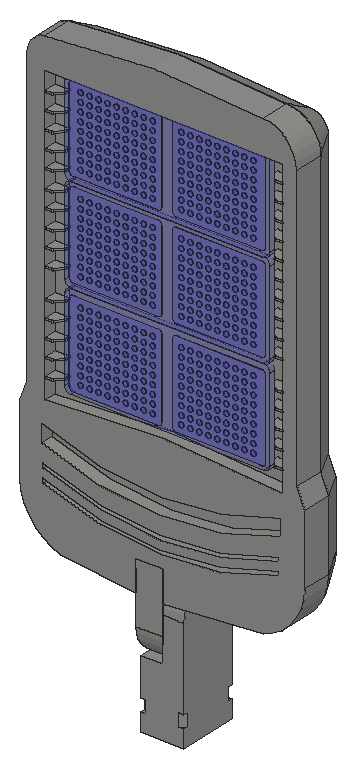
Revit family "VP-3-K", category Lighting Fixtures, host Face, Revit 2019
Family settings
  Host = Face
  Round Connector Dimension = Use Diameter
  Part Type = Normal
  OmniClass Number = 23.80.70.11.14.17
  OmniClass Title = Direct/Indirect
  Cut with Voids When Loaded = No
  Light Source = No
  Shared = Yes
  Room Calculation Point = No
Parameters (values of type "VP-3-K")
  Wattage Comments = "423W"
  Warranty = "Five year warranty"  # constant formula
  Voltage = 120 V
  URL = "https://www.currentlighting.com/beacon"
  Type Comments = "Lighting Fixture"  # constant formula
  Product Page URL = "https://www.currentlighting.com/outdoor-lighting/viper-area-size-3/9606405"
  Product Documentation Link = "https://cdn.currentlighting.com/site/specsheet/BEA_VIPERSPEC.pdf"
  Power Factor = 0.9
  Name = "Viper Area Size 3"  # constant formula
  Model = "VP-3-K"
  Matt Grey = MATT GREY
  Matt Black = Matt Black
  Manufacturer = "Current Lighting"  # constant formula
  Load Classification = Lighting
  Light Output = 30846.00 cd/m²
  Lamp = "LED"  # constant formula
  Grey = Grey
  Glass = Glass
  Features = "Featuring two different optical technologies, Micro Strike and Strike Optics, which provide the best distribution patterns for retrofit or new construction\r\nVibration rated for high vibration applications including bridges and overpasses\r\nControl options including photo control, occupancy sensing, NX Lighting Controls, wiSCAPE and 7-Pin with networked controls\r\nMounting options include: Arm, Universal Arm, Adjustable Arm, Mast Arm, Decorative Arm, Knuckle, Trunnion, Wall\r\nDistribution options include: Auto Front Row, Type 2, Type 3, Type 4 Forward, Type 4 Wide, Type 5 Narrow, Type 5 Medium, Type 5 Wide, Type 5 Rectangular, Corner Optic, and Tennis Court\r\n\r\n"  # constant formula
  Copyright = "© 2022 Current Lighting"  # constant formula
  Cool Grey = Cool Grey
  Contact Us = "https://www.currentlighting.com/contact-us"
  Certification = "UL"  # constant formula
  Description = "The Viper is an extremely versatile area/site luminaire which blends design, performance, and technology for a variety of applications."  # constant formula
  Default Elevation = 48.00"
  Finish = Arctic White
  Matt White = Matt White
  CRI = "70"  # constant formula
  Brand = "Beacon"  # constant formula
  Assembly Code = "D5020200"
  Apparent Load = 423 VA
Reference planes (in)
  plane 1 "Center (Front/Back)": y = 6.16697
  plane 2: z = 0
  plane 3 "Center (Left/Right)": x = 0
  plane 4: z = 3.75
  plane 5: z = -4.44
  plane 6: x = -1.75
  plane 7: x = 1.75
  plane 8: y = 4.41697
  plane 9: y = 7.91697
Lines and regions (in)
  reference lines
    curve 1: line (0, 14.42606, -3.25) -> (0, 17.42606, -0.25)
    curve 2: line (0, -2.09213, -3.25) -> (0, 14.42606, -3.25)
    curve 3: line (0, -5.09213, -0.25) -> (0, -2.09213, -3.25)
    curve 4: line (0, 14.42606, -3.25) -> (0, 17.42606, -0.25)
    curve 5: line (0, -5.09213, -0.25) -> (0, 17.42606, -0.25)
    curve 6: line (0, 17.17606, -0.77432) -> (0, 17.92606, -0.77432)
    curve 7: line (0, 17.17606, -1.52432) -> (0, 17.17606, -0.77432)
    curve 8: line (0, 16.69614, -1.52432) -> (0, 17.17606, -1.52432)
    curve 9: line (0, 14.92606, -4.25) -> (0, 16.69614, -1.52432)
    curve 10: line (0, -4.3622, -1.52432) -> (0, -2.59213, -4.25)
    curve 11: line (0, -4.84213, -1.52432) -> (0, -4.3622, -1.52432)
    curve 12: line (0, -4.84213, -0.77432) -> (0, -4.84213, -1.52432)
    curve 13: line (0, -5.59213, -0.77432) -> (0, -4.84213, -0.77432)
Dimensions and locks (in)
  plane 4 to plane 2 = 3.75"
  plane 8 to plane 9 = 3.50"
  equal spacing: plane 8, plane 1 "Center (Front/Back)", plane 9
  equal spacing: plane 6, plane 3 "Center (Left/Right)", plane 7
  plane 6 to plane 7 = 3.50"
  aligned and locked: plane 2 to host face
  aligned and locked: level to host face
  aligned and locked: plane 3 "Center (Left/Right)" to nested 1
  aligned and locked: plane 1 "Center (Front/Back)" to nested 1
Automatic sketch dimensions
  host sketch curve to host sketch curve = 96.00"
  host sketch curve to host sketch curve = 85.00"
  curve 3 to level = 0.25"
  plane 8 to curve 3 = 9.50909"
  curve 3 to curve 12 = 0.25"
  curve 11 to curve 11 = 0.47992"
  curve 2 to plane 5 = 1.19"
  curve 10 to curve 2 = 2.27008"
  curve 1 to plane 9 = 6.50909"
  curve 9 to level = 1.52432"
  curve 1 to curve 9 = 2.27008"
  curve 8 to curve 8 = 0.47992"
  curve 6 to curve 4 = 0.25"
  curve 10 to curve 3 = 1.27432"
  curve 7 to curve 1 = 0.52432"
  curve 12 to curve 3 = 0.52432"
  curve 13 to curve 3 = 0.50"
  curve 10 to plane 5 = 0.19"
  curve 10 to curve 2 = 0.50"
  curve 9 to plane 5 = 0.19"
  curve 1 to curve 9 = 0.50"
  curve 1 to curve 6 = 0.50"
Nested families (in)
  nested 1: "SIZE3-K" at (0, 6.16697, 0), type "SIZE3-K"
Connectors (in)
  electrical at (0, 6.16697, 0)
    settings: on nested 1, index 1, voltage 0 V, apparent load 0 VA, apparent load phase1 0 VA, apparent load phase2 0 VA, apparent load phase3 0 VA, power factor 1, load classification "Other", number of poles 1, system type 30, power factor state 1, is connector primary yes, connector utility no, sub classification motor no, connector description ""
Definition of nested family "SIZE3-K"
  Parameters (values of type "SIZE3-K")
    Width = 16.11"
    Wattage = 423.2 W
    built-in parameter 1150110 = 1 (stored number, unit not read)
    built-in parameter 1114217 = 1 (stored number, unit not read)
    Tilt Angle = 160.00°
    built-in parameter 1150109 = 1 (stored number, unit not read)
    built-in parameter 1150134 = 3
    built-in parameter 1150113 = 1 (stored number, unit not read)
    Photometric Web File = "VP-3-480L-425-3K7-4W-BC.ies"
    Mount Length = 7.50"
    built-in parameter 1150105 = 2458.4 (stored number, unit not read)
    Lumens = 30893.6 lm
    built-in parameter 1150115 = 1 (stored number, unit not read)
    built-in parameter 1150137 = (empty or 0)
    built-in parameter 1150139 = (empty or 0)
    Length = 26.97"
    built-in parameter 1150112 = 1 (stored number, unit not read)
    built-in parameter 1150114 = 1 (stored number, unit not read)
    built-in parameter 1150132 = (empty or 0)
    built-in parameter 1150102 = (empty or 0)
    built-in parameter 1150107 = 3200 (stored number, unit not read)
    built-in parameter 1150138 = (empty or 0)
    built-in parameter 1150106 = 24.584 (stored number, unit not read)
    Glass = none
    Fixture = none
    built-in parameter 1150104 = 6.7819 (stored number, unit not read)
    Dimming Lamp Color Temperature Shift = (empty or 0)
    Default Elevation = 48.00"
    Color Filter = 16777215
    built-in parameter 1114218 = 1 (stored number, unit not read)
    built-in parameter 1150133 = 10 (stored number, unit not read)
  Reference planes (in)
    plane 1 "Center (Front/Back)": y = 0
    plane 2: z = 0
    plane 3 "Center (Left/Right)": x = 0
    plane 4: x = 8.055
    plane 5: x = -8.055
    plane 6: z = 7.5
    plane 7: z = 34.47
    plane 8: y = -1.74
    plane 9: y = 1.74
  Forms (in)
    Extrusion 1, solid
      sketch origin (0, 0, 0) x (1, 0, 0) y (0, 1, 0)
        loop
          line (-48, 48) -> (-48, -48) -> (48, -48) -> (48, 48) -> (-48, 48)
      from 0 to -12
    Extrusion 2, solid, material <- "Fixture"
      sketch origin (0, 0, 0) x (1, 0, 0) y (0, 0, 1)
        loop
          line (-7.77472, 15.72202) -> (-8.18, 14.67799) -> (-8.18, 10.64521)
          arc (-8.18, 10.64521) -> (-7.52407, 8.68733) -> (-5.82104, 7.51974) r 3.25
          arc (-5.82104, 7.51974) -> (0, 7.02866) -> (5.82104, 7.51974) r 34.74571
          arc (5.82104, 7.51974) -> (7.52407, 8.68733) -> (8.18, 10.64521) r 3.25
          line (8.18, 10.64521) -> (8.18, 14.67799) -> (7.7425, 15.80502) -> (7.7425, 32.05879)
          arc (7.7425, 32.05879) -> (7.16964, 33.45997) -> (5.77922, 34.05846) r 2
          arc (5.77922, 34.05846) -> (-0.48981, 34.44343) -> (-6.75192, 33.95884) r 45.36519
          arc (-6.75192, 33.95884) -> (-7.48558, 33.52919) -> (-7.77472, 32.72966) r 1.25
          line (-7.77472, 32.72966) -> (-7.77472, 15.72202)
      from 0 to 1.74
    Extrusion 3, void
      sketch origin (0, 0, 0) x (1, 0, 0) y (0, 0, 1)
        loop
          arc (-6.77608, 15.13973) -> (0.07705, 15.56709) -> (6.93, 15.13674) r 54.96889
          line (6.93, 15.13674) -> (6.93, 32.15182) -> (-6.77608, 32.15182) -> (-6.77608, 15.13973)
      from 1 to 1.75
    Extrusion 4, solid, material <- "Glass"
      sketch origin (0, 0, 0) x (1, 0, 0) y (0, 0, 1)
        loop
          arc (-5.55487, 32.15182) -> (-5.80236, 32.04931) -> (-5.90487, 31.80182) r 0.35
          line (-5.90487, 31.80182) -> (-5.90487, 27.00182)
          arc (-5.90487, 27.00182) -> (-5.80236, 26.75434) -> (-5.55487, 26.65182) r 0.35
          line (-5.55487, 26.65182) -> (5.55487, 26.65182)
          arc (5.55487, 26.65182) -> (5.80236, 26.75434) -> (5.90487, 27.00182) r 0.35
          line (5.90487, 27.00182) -> (5.90487, 31.80182)
          arc (5.90487, 31.80182) -> (5.80236, 32.04931) -> (5.55487, 32.15182) r 0.35
          line (5.55487, 32.15182) -> (-5.55487, 32.15182)
      from 1 to 1.35
    Extrusion 5, solid, material <- "Glass"
      sketch origin (0.75, 0, 0.125) x (1, 0, 0) y (0, 0, 1)
        loop
          circle (-5.72329, 31.32694) r 0.15
        loop
          circle (-5.20455, 31.32694) r 0.15
        loop
          circle (-4.6858, 31.32694) r 0.15
        loop
          circle (-4.16705, 31.32694) r 0.15
        loop
          circle (-3.6483, 31.32694) r 0.15
        loop
          circle (-3.12955, 31.32694) r 0.15
        loop
          circle (-2.6108, 31.32694) r 0.15
        loop
          circle (-2.09205, 31.32694) r 0.15
        loop
          circle (-1.57331, 31.32694) r 0.15
        loop
          circle (-5.72329, 30.82694) r 0.15
        loop
          circle (-5.20455, 30.82694) r 0.15
        loop
          circle (-4.6858, 30.82694) r 0.15
        loop
          circle (-4.16705, 30.82694) r 0.15
        loop
          circle (-3.6483, 30.82694) r 0.15
        loop
          circle (-3.12955, 30.82694) r 0.15
        loop
          circle (-2.6108, 30.82694) r 0.15
        loop
          circle (-2.09205, 30.82694) r 0.15
        loop
          circle (-1.57331, 30.82694) r 0.15
        loop
          circle (-5.72329, 30.32694) r 0.15
        loop
          circle (-5.20455, 30.32694) r 0.15
        loop
          circle (-4.6858, 30.32694) r 0.15
        loop
          circle (-4.16705, 30.32694) r 0.15
        loop
          circle (-3.6483, 30.32694) r 0.15
        loop
          circle (-3.12955, 30.32694) r 0.15
        loop
          circle (-2.6108, 30.32694) r 0.15
        loop
          circle (-2.09205, 30.32694) r 0.15
        loop
          circle (-1.57331, 30.32694) r 0.15
        loop
          circle (-5.72329, 29.82694) r 0.15
        loop
          circle (-5.20455, 29.82694) r 0.15
        loop
          circle (-4.6858, 29.82694) r 0.15
        loop
          circle (-4.16705, 29.82694) r 0.15
        loop
          circle (-3.6483, 29.82694) r 0.15
        loop
          circle (-3.12955, 29.82694) r 0.15
        loop
          circle (-2.6108, 29.82694) r 0.15
        loop
          circle (-2.09205, 29.82694) r 0.15
        loop
          circle (-1.57331, 29.82694) r 0.15
        loop
          circle (-5.72329, 29.32694) r 0.15
        loop
          circle (-5.20455, 29.32694) r 0.15
        loop
          circle (-4.6858, 29.32694) r 0.15
        loop
          circle (-4.16705, 29.32694) r 0.15
        loop
          circle (-3.6483, 29.32694) r 0.15
        loop
          circle (-3.12955, 29.32694) r 0.15
        loop
          circle (-2.6108, 29.32694) r 0.15
        loop
          circle (-2.09205, 29.32694) r 0.15
        loop
          circle (-1.57331, 29.32694) r 0.15
        loop
          circle (-5.72329, 28.82694) r 0.15
        loop
          circle (-5.20455, 28.82694) r 0.15
        loop
          circle (-4.6858, 28.82694) r 0.15
        loop
          circle (-4.16705, 28.82694) r 0.15
        loop
          circle (-3.6483, 28.82694) r 0.15
        loop
          circle (-3.12955, 28.82694) r 0.15
        loop
          circle (-2.6108, 28.82694) r 0.15
        loop
          circle (-2.09205, 28.82694) r 0.15
        loop
          circle (-1.57331, 28.82694) r 0.15
        loop
          circle (-5.72329, 28.32694) r 0.15
        loop
          circle (-5.20455, 28.32694) r 0.15
        loop
          circle (-4.6858, 28.32694) r 0.15
        loop
          circle (-4.16705, 28.32694) r 0.15
        loop
          circle (-3.6483, 28.32694) r 0.15
        loop
          circle (-3.12955, 28.32694) r 0.15
        loop
          circle (-2.6108, 28.32694) r 0.15
        loop
          circle (-2.09205, 28.32694) r 0.15
        loop
          circle (-1.57331, 28.32694) r 0.15
        loop
          circle (-5.72329, 27.82694) r 0.15
        loop
          circle (-5.20455, 27.82694) r 0.15
        loop
          circle (-4.6858, 27.82694) r 0.15
        loop
          circle (-4.16705, 27.82694) r 0.15
        loop
          circle (-3.6483, 27.82694) r 0.15
        loop
          circle (-3.12955, 27.82694) r 0.15
        loop
          circle (-2.6108, 27.82694) r 0.15
        loop
          circle (-2.09205, 27.82694) r 0.15
        loop
          circle (-1.57331, 27.82694) r 0.15
        loop
          circle (-5.72329, 27.32694) r 0.15
        loop
          circle (-5.20455, 27.32694) r 0.15
        loop
          circle (-4.6858, 27.32694) r 0.15
        loop
          circle (-4.16705, 27.32694) r 0.15
        loop
          circle (-3.6483, 27.32694) r 0.15
        loop
          circle (-3.12955, 27.32694) r 0.15
        loop
          circle (-2.6108, 27.32694) r 0.15
        loop
          circle (-2.09205, 27.32694) r 0.15
        loop
          circle (-1.57331, 27.32694) r 0.15
      from 1.35 to 1.4
    Extrusion 6, solid, material <- "Glass"
      sketch origin (0, 0, 0.125) x (1, 0, 0) y (0, 0, 1)
        loop
          arc (-5.41155, 31.8309) -> (-5.58833, 31.75768) -> (-5.66155, 31.5809) r 0.25
          line (-5.66155, 31.5809) -> (-5.66155, 27.0809)
          arc (-5.66155, 27.0809) -> (-5.58833, 26.90412) -> (-5.41155, 26.8309) r 0.25
          line (-5.41155, 26.8309) -> (-0.54655, 26.8309)
          arc (-0.54655, 26.8309) -> (-0.36977, 26.90412) -> (-0.29655, 27.0809) r 0.25
          line (-0.29655, 27.0809) -> (-0.29655, 31.5809)
          arc (-0.29655, 31.5809) -> (-0.36977, 31.75768) -> (-0.54655, 31.8309) r 0.25
          line (-0.54655, 31.8309) -> (-5.41155, 31.8309)
      from 1.35 to 1.37213
    Extrusion 7, solid, material <- "Fixture"
      sketch origin (0.125, 0, 12.5) x (1, 0, 0) y (0, 1, 0)
        loop
          line (5.93193, -1) -> (5.93193, -1.20146)
          arc (5.93193, -1.20146) -> (5.93867, -1.23973) -> (5.95811, -1.27339) r 0.1119
          line (5.95811, -1.27339) -> (6.31867, -1.70309)
          arc (6.31867, -1.70309) -> (6.34664, -1.72455) -> (6.38107, -1.73219) r 0.08147
          line (6.38107, -1.73219) -> (6.805, -1.73219) -> (6.805, -1) -> (5.93193, -1)
      from 18.55 to 18.65
    Extrusion 8, solid, material <- "Glass"
      sketch origin (-0.75, 0, 0.125) x (-1, 0, 0) y (0, 0, -1)
        loop
          circle (-5.72329, -31.32694) r 0.15
        loop
          circle (-5.20455, -31.32694) r 0.15
        loop
          circle (-4.6858, -31.32694) r 0.15
        loop
          circle (-4.16705, -31.32694) r 0.15
        loop
          circle (-3.6483, -31.32694) r 0.15
        loop
          circle (-3.12955, -31.32694) r 0.15
        loop
          circle (-2.6108, -31.32694) r 0.15
        loop
          circle (-2.09205, -31.32694) r 0.15
        loop
          circle (-1.57331, -31.32694) r 0.15
        loop
          circle (-5.72329, -30.82694) r 0.15
        loop
          circle (-5.20455, -30.82694) r 0.15
        loop
          circle (-4.6858, -30.82694) r 0.15
        loop
          circle (-4.16705, -30.82694) r 0.15
        loop
          circle (-3.6483, -30.82694) r 0.15
        loop
          circle (-3.12955, -30.82694) r 0.15
        loop
          circle (-2.6108, -30.82694) r 0.15
        loop
          circle (-2.09205, -30.82694) r 0.15
        loop
          circle (-1.57331, -30.82694) r 0.15
        loop
          circle (-5.72329, -30.32694) r 0.15
        loop
          circle (-5.20455, -30.32694) r 0.15
        loop
          circle (-4.6858, -30.32694) r 0.15
        loop
          circle (-4.16705, -30.32694) r 0.15
        loop
          circle (-3.6483, -30.32694) r 0.15
        loop
          circle (-3.12955, -30.32694) r 0.15
        loop
          circle (-2.6108, -30.32694) r 0.15
        loop
          circle (-2.09205, -30.32694) r 0.15
        loop
          circle (-1.57331, -30.32694) r 0.15
        loop
          circle (-5.72329, -29.82694) r 0.15
        loop
          circle (-5.20455, -29.82694) r 0.15
        loop
          circle (-4.6858, -29.82694) r 0.15
        loop
          circle (-4.16705, -29.82694) r 0.15
        loop
          circle (-3.6483, -29.82694) r 0.15
        loop
          circle (-3.12955, -29.82694) r 0.15
        loop
          circle (-2.6108, -29.82694) r 0.15
        loop
          circle (-2.09205, -29.82694) r 0.15
        loop
          circle (-1.57331, -29.82694) r 0.15
        loop
          circle (-5.72329, -29.32694) r 0.15
        loop
          circle (-5.20455, -29.32694) r 0.15
        loop
          circle (-4.6858, -29.32694) r 0.15
        loop
          circle (-4.16705, -29.32694) r 0.15
        loop
          circle (-3.6483, -29.32694) r 0.15
        loop
          circle (-3.12955, -29.32694) r 0.15
        loop
          circle (-2.6108, -29.32694) r 0.15
        loop
          circle (-2.09205, -29.32694) r 0.15
        loop
          circle (-1.57331, -29.32694) r 0.15
        loop
          circle (-5.72329, -28.82694) r 0.15
        loop
          circle (-5.20455, -28.82694) r 0.15
        loop
          circle (-4.6858, -28.82694) r 0.15
        loop
          circle (-4.16705, -28.82694) r 0.15
        loop
          circle (-3.6483, -28.82694) r 0.15
        loop
          circle (-3.12955, -28.82694) r 0.15
        loop
          circle (-2.6108, -28.82694) r 0.15
        loop
          circle (-2.09205, -28.82694) r 0.15
        loop
          circle (-1.57331, -28.82694) r 0.15
        loop
          circle (-5.72329, -28.32694) r 0.15
        loop
          circle (-5.20455, -28.32694) r 0.15
        loop
          circle (-4.6858, -28.32694) r 0.15
        loop
          circle (-4.16705, -28.32694) r 0.15
        loop
          circle (-3.6483, -28.32694) r 0.15
        loop
          circle (-3.12955, -28.32694) r 0.15
        loop
          circle (-2.6108, -28.32694) r 0.15
        loop
          circle (-2.09205, -28.32694) r 0.15
        loop
          circle (-1.57331, -28.32694) r 0.15
        loop
          circle (-5.72329, -27.82694) r 0.15
        loop
          circle (-5.20455, -27.82694) r 0.15
        loop
          circle (-4.6858, -27.82694) r 0.15
        loop
          circle (-4.16705, -27.82694) r 0.15
        loop
          circle (-3.6483, -27.82694) r 0.15
        loop
          circle (-3.12955, -27.82694) r 0.15
        loop
          circle (-2.6108, -27.82694) r 0.15
        loop
          circle (-2.09205, -27.82694) r 0.15
        loop
          circle (-1.57331, -27.82694) r 0.15
        loop
          circle (-5.72329, -27.32694) r 0.15
        loop
          circle (-5.20455, -27.32694) r 0.15
        loop
          circle (-4.6858, -27.32694) r 0.15
        loop
          circle (-4.16705, -27.32694) r 0.15
        loop
          circle (-3.6483, -27.32694) r 0.15
        loop
          circle (-3.12955, -27.32694) r 0.15
        loop
          circle (-2.6108, -27.32694) r 0.15
        loop
          circle (-2.09205, -27.32694) r 0.15
        loop
          circle (-1.57331, -27.32694) r 0.15
      from 1.35 to 1.4
    Extrusion 9, solid, material <- "Glass"
      sketch origin (0, 0, 0.125) x (-1, 0, 0) y (0, 0, -1)
        loop
          line (-5.41155, -31.8309) -> (-0.54655, -31.8309)
          arc (-0.54655, -31.8309) -> (-0.36977, -31.75768) -> (-0.29655, -31.5809) r 0.25
          line (-0.29655, -31.5809) -> (-0.29655, -27.0809)
          arc (-0.29655, -27.0809) -> (-0.36977, -26.90412) -> (-0.54655, -26.8309) r 0.25
          line (-0.54655, -26.8309) -> (-5.41155, -26.8309)
          arc (-5.41155, -26.8309) -> (-5.58833, -26.90412) -> (-5.66155, -27.0809) r 0.25
          line (-5.66155, -27.0809) -> (-5.66155, -31.5809)
          arc (-5.66155, -31.5809) -> (-5.58833, -31.75768) -> (-5.41155, -31.8309) r 0.25
      from 1.35 to 1.37213
    Extrusion 10, solid, material <- "Glass"
      sketch origin (0, 0, -5.25) x (1, 0, 0) y (0, 0, 1)
        loop
          arc (-5.55487, 31.90182) -> (-5.80236, 31.79931) -> (-5.90487, 31.55182) r 0.35
          line (-5.90487, 31.55182) -> (-5.90487, 26.75182)
          arc (-5.90487, 26.75182) -> (-5.80236, 26.50434) -> (-5.55487, 26.40182) r 0.35
          line (-5.55487, 26.40182) -> (5.55487, 26.40182)
          arc (5.55487, 26.40182) -> (5.80236, 26.50434) -> (5.90487, 26.75182) r 0.35
          line (5.90487, 26.75182) -> (5.90487, 31.55182)
          arc (5.90487, 31.55182) -> (5.80236, 31.79931) -> (5.55487, 31.90182) r 0.35
          line (5.55487, 31.90182) -> (-5.55487, 31.90182)
      from 1 to 1.35
    Extrusion 11, solid, material <- "Glass"
      sketch origin (0.75, 0, -5.375) x (1, 0, 0) y (0, 0, 1)
        loop
          circle (-5.72329, 31.32694) r 0.15
        loop
          circle (-5.20455, 31.32694) r 0.15
        loop
          circle (-4.6858, 31.32694) r 0.15
        loop
          circle (-4.16705, 31.32694) r 0.15
        loop
          circle (-3.6483, 31.32694) r 0.15
        loop
          circle (-3.12955, 31.32694) r 0.15
        loop
          circle (-2.6108, 31.32694) r 0.15
        loop
          circle (-2.09205, 31.32694) r 0.15
        loop
          circle (-1.57331, 31.32694) r 0.15
        loop
          circle (-5.72329, 30.82694) r 0.15
        loop
          circle (-5.20455, 30.82694) r 0.15
        loop
          circle (-4.6858, 30.82694) r 0.15
        loop
          circle (-4.16705, 30.82694) r 0.15
        loop
          circle (-3.6483, 30.82694) r 0.15
        loop
          circle (-3.12955, 30.82694) r 0.15
        loop
          circle (-2.6108, 30.82694) r 0.15
        loop
          circle (-2.09205, 30.82694) r 0.15
        loop
          circle (-1.57331, 30.82694) r 0.15
        loop
          circle (-5.72329, 30.32694) r 0.15
        loop
          circle (-5.20455, 30.32694) r 0.15
        loop
          circle (-4.6858, 30.32694) r 0.15
        loop
          circle (-4.16705, 30.32694) r 0.15
        loop
          circle (-3.6483, 30.32694) r 0.15
        loop
          circle (-3.12955, 30.32694) r 0.15
        loop
          circle (-2.6108, 30.32694) r 0.15
        loop
          circle (-2.09205, 30.32694) r 0.15
        loop
          circle (-1.57331, 30.32694) r 0.15
        loop
          circle (-5.72329, 29.82694) r 0.15
        loop
          circle (-5.20455, 29.82694) r 0.15
        loop
          circle (-4.6858, 29.82694) r 0.15
        loop
          circle (-4.16705, 29.82694) r 0.15
        loop
          circle (-3.6483, 29.82694) r 0.15
        loop
          circle (-3.12955, 29.82694) r 0.15
        loop
          circle (-2.6108, 29.82694) r 0.15
        loop
          circle (-2.09205, 29.82694) r 0.15
        loop
          circle (-1.57331, 29.82694) r 0.15
        loop
          circle (-5.72329, 29.32694) r 0.15
        loop
          circle (-5.20455, 29.32694) r 0.15
        loop
          circle (-4.6858, 29.32694) r 0.15
        loop
          circle (-4.16705, 29.32694) r 0.15
        loop
          circle (-3.6483, 29.32694) r 0.15
        loop
          circle (-3.12955, 29.32694) r 0.15
        loop
          circle (-2.6108, 29.32694) r 0.15
        loop
          circle (-2.09205, 29.32694) r 0.15
        loop
          circle (-1.57331, 29.32694) r 0.15
        loop
          circle (-5.72329, 28.82694) r 0.15
        loop
          circle (-5.20455, 28.82694) r 0.15
        loop
          circle (-4.6858, 28.82694) r 0.15
        loop
          circle (-4.16705, 28.82694) r 0.15
        loop
          circle (-3.6483, 28.82694) r 0.15
        loop
          circle (-3.12955, 28.82694) r 0.15
        loop
          circle (-2.6108, 28.82694) r 0.15
        loop
          circle (-2.09205, 28.82694) r 0.15
        loop
          circle (-1.57331, 28.82694) r 0.15
        loop
          circle (-5.72329, 28.32694) r 0.15
        loop
          circle (-5.20455, 28.32694) r 0.15
        loop
          circle (-4.6858, 28.32694) r 0.15
        loop
          circle (-4.16705, 28.32694) r 0.15
        loop
          circle (-3.6483, 28.32694) r 0.15
        loop
          circle (-3.12955, 28.32694) r 0.15
        loop
          circle (-2.6108, 28.32694) r 0.15
        loop
          circle (-2.09205, 28.32694) r 0.15
        loop
          circle (-1.57331, 28.32694) r 0.15
        loop
          circle (-5.72329, 27.82694) r 0.15
        loop
          circle (-5.20455, 27.82694) r 0.15
        loop
          circle (-4.6858, 27.82694) r 0.15
        loop
          circle (-4.16705, 27.82694) r 0.15
        loop
          circle (-3.6483, 27.82694) r 0.15
        loop
          circle (-3.12955, 27.82694) r 0.15
        loop
          circle (-2.6108, 27.82694) r 0.15
        loop
          circle (-2.09205, 27.82694) r 0.15
        loop
          circle (-1.57331, 27.82694) r 0.15
        loop
          circle (-5.72329, 27.32694) r 0.15
        loop
          circle (-5.20455, 27.32694) r 0.15
        loop
          circle (-4.6858, 27.32694) r 0.15
        loop
          circle (-4.16705, 27.32694) r 0.15
        loop
          circle (-3.6483, 27.32694) r 0.15
        loop
          circle (-3.12955, 27.32694) r 0.15
        loop
          circle (-2.6108, 27.32694) r 0.15
        loop
          circle (-2.09205, 27.32694) r 0.15
        loop
          circle (-1.57331, 27.32694) r 0.15
      from 1.35 to 1.4
    Extrusion 12, solid, material <- "Glass"
      sketch origin (0, 0, -5.375) x (1, 0, 0) y (0, 0, 1)
        loop
          arc (-5.41155, 31.8309) -> (-5.58833, 31.75768) -> (-5.66155, 31.5809) r 0.25
          line (-5.66155, 31.5809) -> (-5.66155, 27.0809)
          arc (-5.66155, 27.0809) -> (-5.58833, 26.90412) -> (-5.41155, 26.8309) r 0.25
          line (-5.41155, 26.8309) -> (-0.54655, 26.8309)
          arc (-0.54655, 26.8309) -> (-0.36977, 26.90412) -> (-0.29655, 27.0809) r 0.25
          line (-0.29655, 27.0809) -> (-0.29655, 31.5809)
          arc (-0.29655, 31.5809) -> (-0.36977, 31.75768) -> (-0.54655, 31.8309) r 0.25
          line (-0.54655, 31.8309) -> (-5.41155, 31.8309)
      from 1.35 to 1.37213
    Extrusion 13, solid, material <- "Glass"
      sketch origin (-0.75, 0, -5.375) x (-1, 0, 0) y (0, 0, -1)
        loop
          circle (-5.72329, -31.32694) r 0.15
        loop
          circle (-5.20455, -31.32694) r 0.15
        loop
          circle (-4.6858, -31.32694) r 0.15
        loop
          circle (-4.16705, -31.32694) r 0.15
        loop
          circle (-3.6483, -31.32694) r 0.15
        loop
          circle (-3.12955, -31.32694) r 0.15
        loop
          circle (-2.6108, -31.32694) r 0.15
        loop
          circle (-2.09205, -31.32694) r 0.15
        loop
          circle (-1.57331, -31.32694) r 0.15
        loop
          circle (-5.72329, -30.82694) r 0.15
        loop
          circle (-5.20455, -30.82694) r 0.15
        loop
          circle (-4.6858, -30.82694) r 0.15
        loop
          circle (-4.16705, -30.82694) r 0.15
        loop
          circle (-3.6483, -30.82694) r 0.15
        loop
          circle (-3.12955, -30.82694) r 0.15
        loop
          circle (-2.6108, -30.82694) r 0.15
        loop
          circle (-2.09205, -30.82694) r 0.15
        loop
          circle (-1.57331, -30.82694) r 0.15
        loop
          circle (-5.72329, -30.32694) r 0.15
        loop
          circle (-5.20455, -30.32694) r 0.15
        loop
          circle (-4.6858, -30.32694) r 0.15
        loop
          circle (-4.16705, -30.32694) r 0.15
        loop
          circle (-3.6483, -30.32694) r 0.15
        loop
          circle (-3.12955, -30.32694) r 0.15
        loop
          circle (-2.6108, -30.32694) r 0.15
        loop
          circle (-2.09205, -30.32694) r 0.15
        loop
          circle (-1.57331, -30.32694) r 0.15
        loop
          circle (-5.72329, -29.82694) r 0.15
        loop
          circle (-5.20455, -29.82694) r 0.15
        loop
          circle (-4.6858, -29.82694) r 0.15
        loop
          circle (-4.16705, -29.82694) r 0.15
        loop
          circle (-3.6483, -29.82694) r 0.15
        loop
          circle (-3.12955, -29.82694) r 0.15
        loop
          circle (-2.6108, -29.82694) r 0.15
        loop
          circle (-2.09205, -29.82694) r 0.15
        loop
          circle (-1.57331, -29.82694) r 0.15
        loop
          circle (-5.72329, -29.32694) r 0.15
        loop
          circle (-5.20455, -29.32694) r 0.15
        loop
          circle (-4.6858, -29.32694) r 0.15
        loop
          circle (-4.16705, -29.32694) r 0.15
        loop
          circle (-3.6483, -29.32694) r 0.15
        loop
          circle (-3.12955, -29.32694) r 0.15
        loop
          circle (-2.6108, -29.32694) r 0.15
        loop
          circle (-2.09205, -29.32694) r 0.15
        loop
          circle (-1.57331, -29.32694) r 0.15
        loop
          circle (-5.72329, -28.82694) r 0.15
        loop
          circle (-5.20455, -28.82694) r 0.15
        loop
          circle (-4.6858, -28.82694) r 0.15
        loop
          circle (-4.16705, -28.82694) r 0.15
        loop
          circle (-3.6483, -28.82694) r 0.15
        loop
          circle (-3.12955, -28.82694) r 0.15
        loop
          circle (-2.6108, -28.82694) r 0.15
        loop
          circle (-2.09205, -28.82694) r 0.15
        loop
          circle (-1.57331, -28.82694) r 0.15
        loop
          circle (-5.72329, -28.32694) r 0.15
        loop
          circle (-5.20455, -28.32694) r 0.15
        loop
          circle (-4.6858, -28.32694) r 0.15
        loop
          circle (-4.16705, -28.32694) r 0.15
        loop
          circle (-3.6483, -28.32694) r 0.15
        loop
          circle (-3.12955, -28.32694) r 0.15
        loop
          circle (-2.6108, -28.32694) r 0.15
        loop
          circle (-2.09205, -28.32694) r 0.15
        loop
          circle (-1.57331, -28.32694) r 0.15
        loop
          circle (-5.72329, -27.82694) r 0.15
        loop
          circle (-5.20455, -27.82694) r 0.15
        loop
          circle (-4.6858, -27.82694) r 0.15
        loop
          circle (-4.16705, -27.82694) r 0.15
        loop
          circle (-3.6483, -27.82694) r 0.15
        loop
          circle (-3.12955, -27.82694) r 0.15
        loop
          circle (-2.6108, -27.82694) r 0.15
        loop
          circle (-2.09205, -27.82694) r 0.15
        loop
          circle (-1.57331, -27.82694) r 0.15
        loop
          circle (-5.72329, -27.32694) r 0.15
        loop
          circle (-5.20455, -27.32694) r 0.15
        loop
          circle (-4.6858, -27.32694) r 0.15
        loop
          circle (-4.16705, -27.32694) r 0.15
        loop
          circle (-3.6483, -27.32694) r 0.15
        loop
          circle (-3.12955, -27.32694) r 0.15
        loop
          circle (-2.6108, -27.32694) r 0.15
        loop
          circle (-2.09205, -27.32694) r 0.15
        loop
          circle (-1.57331, -27.32694) r 0.15
      from 1.35 to 1.4
    Extrusion 14, solid, material <- "Glass"
      sketch origin (0, 0, -5.375) x (-1, 0, 0) y (0, 0, -1)
        loop
          line (-5.41155, -31.8309) -> (-0.54655, -31.8309)
          arc (-0.54655, -31.8309) -> (-0.36977, -31.75768) -> (-0.29655, -31.5809) r 0.25
          line (-0.29655, -31.5809) -> (-0.29655, -27.0809)
          arc (-0.29655, -27.0809) -> (-0.36977, -26.90412) -> (-0.54655, -26.8309) r 0.25
          line (-0.54655, -26.8309) -> (-5.41155, -26.8309)
          arc (-5.41155, -26.8309) -> (-5.58833, -26.90412) -> (-5.66155, -27.0809) r 0.25
          line (-5.66155, -27.0809) -> (-5.66155, -31.5809)
          arc (-5.66155, -31.5809) -> (-5.58833, -31.75768) -> (-5.41155, -31.8309) r 0.25
      from 1.35 to 1.37213
    Extrusion 15, solid, material <- "Glass"
      sketch origin (0, 0, 47.80365) x (1, 0, 0) y (0, 0, 1)
        loop
          line (-5.55487, -32.15182) -> (5.55487, -32.15182)
          arc (5.55487, -32.15182) -> (5.80236, -32.04931) -> (5.90487, -31.80182) r 0.35
          line (5.90487, -31.80182) -> (5.90487, -27.00182)
          arc (5.90487, -27.00182) -> (5.80236, -26.75434) -> (5.55487, -26.65182) r 0.35
          line (5.55487, -26.65182) -> (-5.55487, -26.65182)
          arc (-5.55487, -26.65182) -> (-5.80236, -26.75434) -> (-5.90487, -27.00182) r 0.35
          line (-5.90487, -27.00182) -> (-5.90487, -31.80182)
          arc (-5.90487, -31.80182) -> (-5.80236, -32.04931) -> (-5.55487, -32.15182) r 0.35
      from 1 to 1.35
    Extrusion 16, solid, material <- "Glass"
      sketch origin (0.75, 0, 47.67865) x (1, 0, 0) y (0, 0, 1)
        loop
          circle (-5.72329, -31.32694) r 0.15
        loop
          circle (-5.20455, -31.32694) r 0.15
        loop
          circle (-4.6858, -31.32694) r 0.15
        loop
          circle (-4.16705, -31.32694) r 0.15
        loop
          circle (-3.6483, -31.32694) r 0.15
        loop
          circle (-3.12955, -31.32694) r 0.15
        loop
          circle (-2.6108, -31.32694) r 0.15
        loop
          circle (-2.09205, -31.32694) r 0.15
        loop
          circle (-1.57331, -31.32694) r 0.15
        loop
          circle (-5.72329, -30.82694) r 0.15
        loop
          circle (-5.20455, -30.82694) r 0.15
        loop
          circle (-4.6858, -30.82694) r 0.15
        loop
          circle (-4.16705, -30.82694) r 0.15
        loop
          circle (-3.6483, -30.82694) r 0.15
        loop
          circle (-3.12955, -30.82694) r 0.15
        loop
          circle (-2.6108, -30.82694) r 0.15
        loop
          circle (-2.09205, -30.82694) r 0.15
        loop
          circle (-1.57331, -30.82694) r 0.15
        loop
          circle (-5.72329, -30.32694) r 0.15
        loop
          circle (-5.20455, -30.32694) r 0.15
        loop
          circle (-4.6858, -30.32694) r 0.15
        loop
          circle (-4.16705, -30.32694) r 0.15
        loop
          circle (-3.6483, -30.32694) r 0.15
        loop
          circle (-3.12955, -30.32694) r 0.15
        loop
          circle (-2.6108, -30.32694) r 0.15
        loop
          circle (-2.09205, -30.32694) r 0.15
        loop
          circle (-1.57331, -30.32694) r 0.15
        loop
          circle (-5.72329, -29.82694) r 0.15
        loop
          circle (-5.20455, -29.82694) r 0.15
        loop
          circle (-4.6858, -29.82694) r 0.15
        loop
          circle (-4.16705, -29.82694) r 0.15
        loop
          circle (-3.6483, -29.82694) r 0.15
        loop
          circle (-3.12955, -29.82694) r 0.15
        loop
          circle (-2.6108, -29.82694) r 0.15
        loop
          circle (-2.09205, -29.82694) r 0.15
        loop
          circle (-1.57331, -29.82694) r 0.15
        loop
          circle (-5.72329, -29.32694) r 0.15
        loop
          circle (-5.20455, -29.32694) r 0.15
        loop
          circle (-4.6858, -29.32694) r 0.15
        loop
          circle (-4.16705, -29.32694) r 0.15
        loop
          circle (-3.6483, -29.32694) r 0.15
        loop
          circle (-3.12955, -29.32694) r 0.15
        loop
          circle (-2.6108, -29.32694) r 0.15
        loop
          circle (-2.09205, -29.32694) r 0.15
        loop
          circle (-1.57331, -29.32694) r 0.15
        loop
          circle (-5.72329, -28.82694) r 0.15
        loop
          circle (-5.20455, -28.82694) r 0.15
        loop
          circle (-4.6858, -28.82694) r 0.15
        loop
          circle (-4.16705, -28.82694) r 0.15
        loop
          circle (-3.6483, -28.82694) r 0.15
        loop
          circle (-3.12955, -28.82694) r 0.15
        loop
          circle (-2.6108, -28.82694) r 0.15
        loop
          circle (-2.09205, -28.82694) r 0.15
        loop
          circle (-1.57331, -28.82694) r 0.15
        loop
          circle (-5.72329, -28.32694) r 0.15
        loop
          circle (-5.20455, -28.32694) r 0.15
        loop
          circle (-4.6858, -28.32694) r 0.15
        loop
          circle (-4.16705, -28.32694) r 0.15
        loop
          circle (-3.6483, -28.32694) r 0.15
        loop
          circle (-3.12955, -28.32694) r 0.15
        loop
          circle (-2.6108, -28.32694) r 0.15
        loop
          circle (-2.09205, -28.32694) r 0.15
        loop
          circle (-1.57331, -28.32694) r 0.15
        loop
          circle (-5.72329, -27.82694) r 0.15
        loop
          circle (-5.20455, -27.82694) r 0.15
        loop
          circle (-4.6858, -27.82694) r 0.15
        loop
          circle (-4.16705, -27.82694) r 0.15
        loop
          circle (-3.6483, -27.82694) r 0.15
        loop
          circle (-3.12955, -27.82694) r 0.15
        loop
          circle (-2.6108, -27.82694) r 0.15
        loop
          circle (-2.09205, -27.82694) r 0.15
        loop
          circle (-1.57331, -27.82694) r 0.15
        loop
          circle (-5.72329, -27.32694) r 0.15
        loop
          circle (-5.20455, -27.32694) r 0.15
        loop
          circle (-4.6858, -27.32694) r 0.15
        loop
          circle (-4.16705, -27.32694) r 0.15
        loop
          circle (-3.6483, -27.32694) r 0.15
        loop
          circle (-3.12955, -27.32694) r 0.15
        loop
          circle (-2.6108, -27.32694) r 0.15
        loop
          circle (-2.09205, -27.32694) r 0.15
        loop
          circle (-1.57331, -27.32694) r 0.15
      from 1.35 to 1.4
    Extrusion 17, solid, material <- "Glass"
      sketch origin (0, 0, 47.67865) x (1, 0, 0) y (0, 0, 1)
        loop
          line (-5.41155, -31.8309) -> (-0.54655, -31.8309)
          arc (-0.54655, -31.8309) -> (-0.36977, -31.75768) -> (-0.29655, -31.5809) r 0.25
          line (-0.29655, -31.5809) -> (-0.29655, -27.0809)
          arc (-0.29655, -27.0809) -> (-0.36977, -26.90412) -> (-0.54655, -26.8309) r 0.25
          line (-0.54655, -26.8309) -> (-5.41155, -26.8309)
          arc (-5.41155, -26.8309) -> (-5.58833, -26.90412) -> (-5.66155, -27.0809) r 0.25
          line (-5.66155, -27.0809) -> (-5.66155, -31.5809)
          arc (-5.66155, -31.5809) -> (-5.58833, -31.75768) -> (-5.41155, -31.8309) r 0.25
      from 1.35 to 1.37213
    Extrusion 18, solid, material <- "Glass"
      sketch origin (-0.75, 0, 47.67865) x (-1, 0, 0) y (0, 0, -1)
        loop
          circle (-5.72329, 31.32694) r 0.15
        loop
          circle (-5.20455, 31.32694) r 0.15
        loop
          circle (-4.6858, 31.32694) r 0.15
        loop
          circle (-4.16705, 31.32694) r 0.15
        loop
          circle (-3.6483, 31.32694) r 0.15
        loop
          circle (-3.12955, 31.32694) r 0.15
        loop
          circle (-2.6108, 31.32694) r 0.15
        loop
          circle (-2.09205, 31.32694) r 0.15
        loop
          circle (-1.57331, 31.32694) r 0.15
        loop
          circle (-5.72329, 30.82694) r 0.15
        loop
          circle (-5.20455, 30.82694) r 0.15
        loop
          circle (-4.6858, 30.82694) r 0.15
        loop
          circle (-4.16705, 30.82694) r 0.15
        loop
          circle (-3.6483, 30.82694) r 0.15
        loop
          circle (-3.12955, 30.82694) r 0.15
        loop
          circle (-2.6108, 30.82694) r 0.15
        loop
          circle (-2.09205, 30.82694) r 0.15
        loop
          circle (-1.57331, 30.82694) r 0.15
        loop
          circle (-5.72329, 30.32694) r 0.15
        loop
          circle (-5.20455, 30.32694) r 0.15
        loop
          circle (-4.6858, 30.32694) r 0.15
        loop
          circle (-4.16705, 30.32694) r 0.15
        loop
          circle (-3.6483, 30.32694) r 0.15
        loop
          circle (-3.12955, 30.32694) r 0.15
        loop
          circle (-2.6108, 30.32694) r 0.15
        loop
          circle (-2.09205, 30.32694) r 0.15
        loop
          circle (-1.57331, 30.32694) r 0.15
        loop
          circle (-5.72329, 29.82694) r 0.15
        loop
          circle (-5.20455, 29.82694) r 0.15
        loop
          circle (-4.6858, 29.82694) r 0.15
        loop
          circle (-4.16705, 29.82694) r 0.15
        loop
          circle (-3.6483, 29.82694) r 0.15
        loop
          circle (-3.12955, 29.82694) r 0.15
        loop
          circle (-2.6108, 29.82694) r 0.15
        loop
          circle (-2.09205, 29.82694) r 0.15
        loop
          circle (-1.57331, 29.82694) r 0.15
        loop
          circle (-5.72329, 29.32694) r 0.15
        loop
          circle (-5.20455, 29.32694) r 0.15
        loop
          circle (-4.6858, 29.32694) r 0.15
        loop
          circle (-4.16705, 29.32694) r 0.15
        loop
          circle (-3.6483, 29.32694) r 0.15
        loop
          circle (-3.12955, 29.32694) r 0.15
        loop
          circle (-2.6108, 29.32694) r 0.15
        loop
          circle (-2.09205, 29.32694) r 0.15
        loop
          circle (-1.57331, 29.32694) r 0.15
        loop
          circle (-5.72329, 28.82694) r 0.15
        loop
          circle (-5.20455, 28.82694) r 0.15
        loop
          circle (-4.6858, 28.82694) r 0.15
        loop
          circle (-4.16705, 28.82694) r 0.15
        loop
          circle (-3.6483, 28.82694) r 0.15
        loop
          circle (-3.12955, 28.82694) r 0.15
        loop
          circle (-2.6108, 28.82694) r 0.15
        loop
          circle (-2.09205, 28.82694) r 0.15
        loop
          circle (-1.57331, 28.82694) r 0.15
        loop
          circle (-5.72329, 28.32694) r 0.15
        loop
          circle (-5.20455, 28.32694) r 0.15
        loop
          circle (-4.6858, 28.32694) r 0.15
        loop
          circle (-4.16705, 28.32694) r 0.15
        loop
          circle (-3.6483, 28.32694) r 0.15
        loop
          circle (-3.12955, 28.32694) r 0.15
        loop
          circle (-2.6108, 28.32694) r 0.15
        loop
          circle (-2.09205, 28.32694) r 0.15
        loop
          circle (-1.57331, 28.32694) r 0.15
        loop
          circle (-5.72329, 27.82694) r 0.15
        loop
          circle (-5.20455, 27.82694) r 0.15
        loop
          circle (-4.6858, 27.82694) r 0.15
        loop
          circle (-4.16705, 27.82694) r 0.15
        loop
          circle (-3.6483, 27.82694) r 0.15
        loop
          circle (-3.12955, 27.82694) r 0.15
        loop
          circle (-2.6108, 27.82694) r 0.15
        loop
          circle (-2.09205, 27.82694) r 0.15
        loop
          circle (-1.57331, 27.82694) r 0.15
        loop
          circle (-5.72329, 27.32694) r 0.15
        loop
          circle (-5.20455, 27.32694) r 0.15
        loop
          circle (-4.6858, 27.32694) r 0.15
        loop
          circle (-4.16705, 27.32694) r 0.15
        loop
          circle (-3.6483, 27.32694) r 0.15
        loop
          circle (-3.12955, 27.32694) r 0.15
        loop
          circle (-2.6108, 27.32694) r 0.15
        loop
          circle (-2.09205, 27.32694) r 0.15
        loop
          circle (-1.57331, 27.32694) r 0.15
      from 1.35 to 1.4
    Extrusion 19, solid, material <- "Glass"
      sketch origin (0, 0, 47.67865) x (-1, 0, 0) y (0, 0, -1)
        loop
          arc (-5.41155, 31.8309) -> (-5.58833, 31.75768) -> (-5.66155, 31.5809) r 0.25
          line (-5.66155, 31.5809) -> (-5.66155, 27.0809)
          arc (-5.66155, 27.0809) -> (-5.58833, 26.90412) -> (-5.41155, 26.8309) r 0.25
          line (-5.41155, 26.8309) -> (-0.54655, 26.8309)
          arc (-0.54655, 26.8309) -> (-0.36977, 26.90412) -> (-0.29655, 27.0809) r 0.25
          line (-0.29655, 27.0809) -> (-0.29655, 31.5809)
          arc (-0.29655, 31.5809) -> (-0.36977, 31.75768) -> (-0.54655, 31.8309) r 0.25
          line (-0.54655, 31.8309) -> (-5.41155, 31.8309)
      from 1.35 to 1.37213
    Extrusion 20, solid, material <- "Fixture"
      sketch origin (0.125, 0, 11.49818) x (1, 0, 0) y (0, 1, 0)
        loop
          line (5.93193, -1) -> (5.93193, -1.20146)
          arc (5.93193, -1.20146) -> (5.93867, -1.23973) -> (5.95811, -1.27339) r 0.1119
          line (5.95811, -1.27339) -> (6.31867, -1.70309)
          arc (6.31867, -1.70309) -> (6.34664, -1.72455) -> (6.38107, -1.73219) r 0.08147
          line (6.38107, -1.73219) -> (6.805, -1.73219) -> (6.805, -1) -> (5.93193, -1)
      from 18.55 to 18.65
    Extrusion 21, solid, material <- "Fixture"
      sketch origin (0.125, 0, 10.49635) x (1, 0, 0) y (0, 1, 0)
        loop
          line (5.93193, -1) -> (5.93193, -1.20146)
          arc (5.93193, -1.20146) -> (5.93867, -1.23973) -> (5.95811, -1.27339) r 0.1119
          line (5.95811, -1.27339) -> (6.31867, -1.70309)
          arc (6.31867, -1.70309) -> (6.34664, -1.72455) -> (6.38107, -1.73219) r 0.08147
          line (6.38107, -1.73219) -> (6.805, -1.73219) -> (6.805, -1) -> (5.93193, -1)
      from 18.55 to 18.65
    Extrusion 22, solid, material <- "Fixture"
      sketch origin (0.125, 0, 9.49453) x (1, 0, 0) y (0, 1, 0)
        loop
          line (5.93193, -1) -> (5.93193, -1.20146)
          arc (5.93193, -1.20146) -> (5.93867, -1.23973) -> (5.95811, -1.27339) r 0.1119
          line (5.95811, -1.27339) -> (6.31867, -1.70309)
          arc (6.31867, -1.70309) -> (6.34664, -1.72455) -> (6.38107, -1.73219) r 0.08147
          line (6.38107, -1.73219) -> (6.805, -1.73219) -> (6.805, -1) -> (5.93193, -1)
      from 18.55 to 18.65
    Extrusion 23, solid, material <- "Fixture"
      sketch origin (0.125, 0, 8.49453) x (1, 0, 0) y (0, 1, 0)
        loop
          line (5.93193, -1) -> (5.93193, -1.20146)
          arc (5.93193, -1.20146) -> (5.93867, -1.23973) -> (5.95811, -1.27339) r 0.1119
          line (5.95811, -1.27339) -> (6.31867, -1.70309)
          arc (6.31867, -1.70309) -> (6.34664, -1.72455) -> (6.38107, -1.73219) r 0.08147
          line (6.38107, -1.73219) -> (6.805, -1.73219) -> (6.805, -1) -> (5.93193, -1)
      from 18.55 to 18.65
    Extrusion 24, solid, material <- "Fixture"
      sketch origin (0.125, 0, 7.4375) x (1, 0, 0) y (0, 1, 0)
        loop
          line (5.93193, -1) -> (5.93193, -1.20146)
          arc (5.93193, -1.20146) -> (5.93867, -1.23973) -> (5.95811, -1.27339) r 0.1119
          line (5.95811, -1.27339) -> (6.31867, -1.70309)
          arc (6.31867, -1.70309) -> (6.34664, -1.72455) -> (6.38107, -1.73219) r 0.08147
          line (6.38107, -1.73219) -> (6.805, -1.73219) -> (6.805, -1) -> (5.93193, -1)
      from 18.55 to 18.65
    Extrusion 25, solid, material <- "Fixture"
      sketch origin (0.125, 0, 6.43568) x (1, 0, 0) y (0, 1, 0)
        loop
          line (5.93193, -1) -> (5.93193, -1.20146)
          arc (5.93193, -1.20146) -> (5.93867, -1.23973) -> (5.95811, -1.27339) r 0.1119
          line (5.95811, -1.27339) -> (6.31867, -1.70309)
          arc (6.31867, -1.70309) -> (6.34664, -1.72455) -> (6.38107, -1.73219) r 0.08147
          line (6.38107, -1.73219) -> (6.805, -1.73219) -> (6.805, -1) -> (5.93193, -1)
      from 18.55 to 18.65
    Extrusion 26, solid, material <- "Fixture"
      sketch origin (0.125, 0, 5.43385) x (1, 0, 0) y (0, 1, 0)
        loop
          line (5.93193, -1) -> (5.93193, -1.20146)
          arc (5.93193, -1.20146) -> (5.93867, -1.23973) -> (5.95811, -1.27339) r 0.1119
          line (5.95811, -1.27339) -> (6.31867, -1.70309)
          arc (6.31867, -1.70309) -> (6.34664, -1.72455) -> (6.38107, -1.73219) r 0.08147
          line (6.38107, -1.73219) -> (6.805, -1.73219) -> (6.805, -1) -> (5.93193, -1)
      from 18.55 to 18.65
    Extrusion 27, solid, material <- "Fixture"
      sketch origin (0.125, 0, 4.43203) x (1, 0, 0) y (0, 1, 0)
        loop
          line (5.93193, -1) -> (5.93193, -1.20146)
          arc (5.93193, -1.20146) -> (5.93867, -1.23973) -> (5.95811, -1.27339) r 0.1119
          line (5.95811, -1.27339) -> (6.31867, -1.70309)
          arc (6.31867, -1.70309) -> (6.34664, -1.72455) -> (6.38107, -1.73219) r 0.08147
          line (6.38107, -1.73219) -> (6.805, -1.73219) -> (6.805, -1) -> (5.93193, -1)
      from 18.55 to 18.65
    Extrusion 28, solid, material <- "Fixture"
      sketch origin (0.125, 0, 3.43203) x (1, 0, 0) y (0, 1, 0)
        loop
          line (5.93193, -1) -> (5.93193, -1.20146)
          arc (5.93193, -1.20146) -> (5.93867, -1.23973) -> (5.95811, -1.27339) r 0.1119
          line (5.95811, -1.27339) -> (6.31867, -1.70309)
          arc (6.31867, -1.70309) -> (6.34664, -1.72455) -> (6.38107, -1.73219) r 0.08147
          line (6.38107, -1.73219) -> (6.805, -1.73219) -> (6.805, -1) -> (5.93193, -1)
      from 18.55 to 18.65
    Extrusion 29, solid, material <- "Fixture"
      sketch origin (0.125, 0, 1.75) x (1, 0, 0) y (0, 1, 0)
        loop
          line (5.93193, -1) -> (5.93193, -1.20146)
          arc (5.93193, -1.20146) -> (5.93867, -1.23973) -> (5.95811, -1.27339) r 0.1119
          line (5.95811, -1.27339) -> (6.31867, -1.70309)
          arc (6.31867, -1.70309) -> (6.34664, -1.72455) -> (6.38107, -1.73219) r 0.08147
          line (6.38107, -1.73219) -> (6.805, -1.73219) -> (6.805, -1) -> (5.93193, -1)
      from 18.55 to 18.65
    Extrusion 30, solid, material <- "Fixture"
      sketch origin (0.125, 0, 0.74818) x (1, 0, 0) y (0, 1, 0)
        loop
          line (5.93193, -1) -> (5.93193, -1.20146)
          arc (5.93193, -1.20146) -> (5.93867, -1.23973) -> (5.95811, -1.27339) r 0.1119
          line (5.95811, -1.27339) -> (6.31867, -1.70309)
          arc (6.31867, -1.70309) -> (6.34664, -1.72455) -> (6.38107, -1.73219) r 0.08147
          line (6.38107, -1.73219) -> (6.805, -1.73219) -> (6.805, -1) -> (5.93193, -1)
      from 18.55 to 18.65
    Extrusion 31, solid, material <- "Fixture"
      sketch origin (0.125, 0, -0.25365) x (1, 0, 0) y (0, 1, 0)
        loop
          line (5.93193, -1) -> (5.93193, -1.20146)
          arc (5.93193, -1.20146) -> (5.93867, -1.23973) -> (5.95811, -1.27339) r 0.1119
          line (5.95811, -1.27339) -> (6.31867, -1.70309)
          arc (6.31867, -1.70309) -> (6.34664, -1.72455) -> (6.38107, -1.73219) r 0.08147
          line (6.38107, -1.73219) -> (6.805, -1.73219) -> (6.805, -1) -> (5.93193, -1)
      from 18.55 to 18.65
    Extrusion 32, solid, material <- "Fixture"
      sketch origin (0.125, 0, -1.25547) x (1, 0, 0) y (0, 1, 0)
        loop
          line (5.93193, -1) -> (5.93193, -1.20146)
          arc (5.93193, -1.20146) -> (5.93867, -1.23973) -> (5.95811, -1.27339) r 0.1119
          line (5.95811, -1.27339) -> (6.31867, -1.70309)
          arc (6.31867, -1.70309) -> (6.34664, -1.72455) -> (6.38107, -1.73219) r 0.08147
          line (6.38107, -1.73219) -> (6.805, -1.73219) -> (6.805, -1) -> (5.93193, -1)
      from 18.55 to 18.65
    Extrusion 33, solid, material <- "Fixture"
      sketch origin (0.125, 0, -2.25547) x (1, 0, 0) y (0, 1, 0)
        loop
          line (5.93193, -1) -> (5.93193, -1.20146)
          arc (5.93193, -1.20146) -> (5.93867, -1.23973) -> (5.95811, -1.27339) r 0.1119
          line (5.95811, -1.27339) -> (6.31867, -1.70309)
          arc (6.31867, -1.70309) -> (6.34664, -1.72455) -> (6.38107, -1.73219) r 0.08147
          line (6.38107, -1.73219) -> (6.805, -1.73219) -> (6.805, -1) -> (5.93193, -1)
      from 18.55 to 18.65
    Extrusion 34, solid, material <- "Fixture"
      sketch origin (0.01562, 0, 12.5) x (-1, 0, 0) y (0, -1, 0)
        loop
          line (5.93193, 1) -> (6.805, 1) -> (6.805, 1.73219) -> (6.38107, 1.73219)
          arc (6.38107, 1.73219) -> (6.34664, 1.72455) -> (6.31867, 1.70309) r 0.08147
          line (6.31867, 1.70309) -> (5.95811, 1.27339)
          arc (5.95811, 1.27339) -> (5.93867, 1.23973) -> (5.93193, 1.20146) r 0.1119
          line (5.93193, 1.20146) -> (5.93193, 1)
      from 18.55 to 18.65
    Extrusion 35, solid, material <- "Fixture"
      sketch origin (0.01562, 0, 11.49818) x (-1, 0, 0) y (0, -1, 0)
        loop
          line (5.93193, 1) -> (6.805, 1) -> (6.805, 1.73219) -> (6.38107, 1.73219)
          arc (6.38107, 1.73219) -> (6.34664, 1.72455) -> (6.31867, 1.70309) r 0.08147
          line (6.31867, 1.70309) -> (5.95811, 1.27339)
          arc (5.95811, 1.27339) -> (5.93867, 1.23973) -> (5.93193, 1.20146) r 0.1119
          line (5.93193, 1.20146) -> (5.93193, 1)
      from 18.55 to 18.65
    Extrusion 36, solid, material <- "Fixture"
      sketch origin (0.01562, 0, 10.49635) x (-1, 0, 0) y (0, -1, 0)
        loop
          line (5.93193, 1) -> (6.805, 1) -> (6.805, 1.73219) -> (6.38107, 1.73219)
          arc (6.38107, 1.73219) -> (6.34664, 1.72455) -> (6.31867, 1.70309) r 0.08147
          line (6.31867, 1.70309) -> (5.95811, 1.27339)
          arc (5.95811, 1.27339) -> (5.93867, 1.23973) -> (5.93193, 1.20146) r 0.1119
          line (5.93193, 1.20146) -> (5.93193, 1)
      from 18.55 to 18.65
    Extrusion 37, solid, material <- "Fixture"
      sketch origin (0.01562, 0, 9.49453) x (-1, 0, 0) y (0, -1, 0)
        loop
          line (5.93193, 1) -> (6.805, 1) -> (6.805, 1.73219) -> (6.38107, 1.73219)
          arc (6.38107, 1.73219) -> (6.34664, 1.72455) -> (6.31867, 1.70309) r 0.08147
          line (6.31867, 1.70309) -> (5.95811, 1.27339)
          arc (5.95811, 1.27339) -> (5.93867, 1.23973) -> (5.93193, 1.20146) r 0.1119
          line (5.93193, 1.20146) -> (5.93193, 1)
      from 18.55 to 18.65
    Extrusion 38, solid, material <- "Fixture"
      sketch origin (0.01562, 0, 8.49453) x (-1, 0, 0) y (0, -1, 0)
        loop
          line (5.93193, 1) -> (6.805, 1) -> (6.805, 1.73219) -> (6.38107, 1.73219)
          arc (6.38107, 1.73219) -> (6.34664, 1.72455) -> (6.31867, 1.70309) r 0.08147
          line (6.31867, 1.70309) -> (5.95811, 1.27339)
          arc (5.95811, 1.27339) -> (5.93867, 1.23973) -> (5.93193, 1.20146) r 0.1119
          line (5.93193, 1.20146) -> (5.93193, 1)
      from 18.55 to 18.65
    Extrusion 39, solid, material <- "Fixture"
      sketch origin (0.01562, 0, 7.4375) x (-1, 0, 0) y (0, -1, 0)
        loop
          line (5.93193, 1) -> (6.805, 1) -> (6.805, 1.73219) -> (6.38107, 1.73219)
          arc (6.38107, 1.73219) -> (6.34664, 1.72455) -> (6.31867, 1.70309) r 0.08147
          line (6.31867, 1.70309) -> (5.95811, 1.27339)
          arc (5.95811, 1.27339) -> (5.93867, 1.23973) -> (5.93193, 1.20146) r 0.1119
          line (5.93193, 1.20146) -> (5.93193, 1)
      from 18.55 to 18.65
    Extrusion 40, solid, material <- "Fixture"
      sketch origin (0.01562, 0, 6.43568) x (-1, 0, 0) y (0, -1, 0)
        loop
          line (5.93193, 1) -> (6.805, 1) -> (6.805, 1.73219) -> (6.38107, 1.73219)
          arc (6.38107, 1.73219) -> (6.34664, 1.72455) -> (6.31867, 1.70309) r 0.08147
          line (6.31867, 1.70309) -> (5.95811, 1.27339)
          arc (5.95811, 1.27339) -> (5.93867, 1.23973) -> (5.93193, 1.20146) r 0.1119
          line (5.93193, 1.20146) -> (5.93193, 1)
      from 18.55 to 18.65
    Extrusion 41, solid, material <- "Fixture"
      sketch origin (0.01562, 0, 5.43385) x (-1, 0, 0) y (0, -1, 0)
        loop
          line (5.93193, 1) -> (6.805, 1) -> (6.805, 1.73219) -> (6.38107, 1.73219)
          arc (6.38107, 1.73219) -> (6.34664, 1.72455) -> (6.31867, 1.70309) r 0.08147
          line (6.31867, 1.70309) -> (5.95811, 1.27339)
          arc (5.95811, 1.27339) -> (5.93867, 1.23973) -> (5.93193, 1.20146) r 0.1119
          line (5.93193, 1.20146) -> (5.93193, 1)
      from 18.55 to 18.65
    Extrusion 42, solid, material <- "Fixture"
      sketch origin (0.01562, 0, 4.43203) x (-1, 0, 0) y (0, -1, 0)
        loop
          line (5.93193, 1) -> (6.805, 1) -> (6.805, 1.73219) -> (6.38107, 1.73219)
          arc (6.38107, 1.73219) -> (6.34664, 1.72455) -> (6.31867, 1.70309) r 0.08147
          line (6.31867, 1.70309) -> (5.95811, 1.27339)
          arc (5.95811, 1.27339) -> (5.93867, 1.23973) -> (5.93193, 1.20146) r 0.1119
          line (5.93193, 1.20146) -> (5.93193, 1)
      from 18.55 to 18.65
    Extrusion 43, solid, material <- "Fixture"
      sketch origin (0.01562, 0, 3.43203) x (-1, 0, 0) y (0, -1, 0)
        loop
          line (5.93193, 1) -> (6.805, 1) -> (6.805, 1.73219) -> (6.38107, 1.73219)
          arc (6.38107, 1.73219) -> (6.34664, 1.72455) -> (6.31867, 1.70309) r 0.08147
          line (6.31867, 1.70309) -> (5.95811, 1.27339)
          arc (5.95811, 1.27339) -> (5.93867, 1.23973) -> (5.93193, 1.20146) r 0.1119
          line (5.93193, 1.20146) -> (5.93193, 1)
      from 18.55 to 18.65
    Extrusion 44, solid, material <- "Fixture"
      sketch origin (0.01562, 0, 1.75) x (-1, 0, 0) y (0, -1, 0)
        loop
          line (5.93193, 1) -> (6.805, 1) -> (6.805, 1.73219) -> (6.38107, 1.73219)
          arc (6.38107, 1.73219) -> (6.34664, 1.72455) -> (6.31867, 1.70309) r 0.08147
          line (6.31867, 1.70309) -> (5.95811, 1.27339)
          arc (5.95811, 1.27339) -> (5.93867, 1.23973) -> (5.93193, 1.20146) r 0.1119
          line (5.93193, 1.20146) -> (5.93193, 1)
      from 18.55 to 18.65
    Extrusion 45, solid, material <- "Fixture"
      sketch origin (0.01562, 0, 0.74818) x (-1, 0, 0) y (0, -1, 0)
        loop
          line (5.93193, 1) -> (6.805, 1) -> (6.805, 1.73219) -> (6.38107, 1.73219)
          arc (6.38107, 1.73219) -> (6.34664, 1.72455) -> (6.31867, 1.70309) r 0.08147
          line (6.31867, 1.70309) -> (5.95811, 1.27339)
          arc (5.95811, 1.27339) -> (5.93867, 1.23973) -> (5.93193, 1.20146) r 0.1119
          line (5.93193, 1.20146) -> (5.93193, 1)
      from 18.55 to 18.65
    Extrusion 46, solid, material <- "Fixture"
      sketch origin (0.01562, 0, -0.25365) x (-1, 0, 0) y (0, -1, 0)
        loop
          line (5.93193, 1) -> (6.805, 1) -> (6.805, 1.73219) -> (6.38107, 1.73219)
          arc (6.38107, 1.73219) -> (6.34664, 1.72455) -> (6.31867, 1.70309) r 0.08147
          line (6.31867, 1.70309) -> (5.95811, 1.27339)
          arc (5.95811, 1.27339) -> (5.93867, 1.23973) -> (5.93193, 1.20146) r 0.1119
          line (5.93193, 1.20146) -> (5.93193, 1)
      from 18.55 to 18.65
    Extrusion 47, solid, material <- "Fixture"
      sketch origin (0.01562, 0, -1.25547) x (-1, 0, 0) y (0, -1, 0)
        loop
          line (5.93193, 1) -> (6.805, 1) -> (6.805, 1.73219) -> (6.38107, 1.73219)
          arc (6.38107, 1.73219) -> (6.34664, 1.72455) -> (6.31867, 1.70309) r 0.08147
          line (6.31867, 1.70309) -> (5.95811, 1.27339)
          arc (5.95811, 1.27339) -> (5.93867, 1.23973) -> (5.93193, 1.20146) r 0.1119
          line (5.93193, 1.20146) -> (5.93193, 1)
      from 18.55 to 18.65
    Extrusion 48, solid, material <- "Fixture"
      sketch origin (0.01562, 0, -2.25547) x (-1, 0, 0) y (0, -1, 0)
        loop
          line (5.93193, 1) -> (6.805, 1) -> (6.805, 1.73219) -> (6.38107, 1.73219)
          arc (6.38107, 1.73219) -> (6.34664, 1.72455) -> (6.31867, 1.70309) r 0.08147
          line (6.31867, 1.70309) -> (5.95811, 1.27339)
          arc (5.95811, 1.27339) -> (5.93867, 1.23973) -> (5.93193, 1.20146) r 0.1119
          line (5.93193, 1.20146) -> (5.93193, 1)
      from 18.55 to 18.65
    Extrusion 49, void
      sketch origin (0, 0, 3.625) x (1, 0, 0) y (0, 0, 1)
        loop
          line (-6.94707, 10.26622) -> (-6.94707, 9.26622)
          arc (-6.94707, 9.26622) -> (-0.07108, 7.88597) -> (6.815, 9.21501) r 18.15382
          line (6.815, 9.21501) -> (6.815, 10.21501)
          arc (6.815, 10.21501) -> (-0.07108, 8.88597) -> (-6.94707, 10.26622) r 18.15382
        loop
          line (-6.85535, 8.24972) -> (-6.85535, 7.97854)
          arc (-6.85535, 7.97854) -> (-0.06712, 6.63595) -> (6.73035, 7.93095) r 18.15382
          line (6.73035, 7.93095) -> (6.73035, 8.20243)
          arc (6.73035, 8.20243) -> (-0.06706, 6.91477) -> (-6.85535, 8.24972) r 18.25
        loop
          line (-6.85535, 7.49972) -> (-6.85535, 7.22854)
          arc (-6.85535, 7.22854) -> (-0.06712, 5.88595) -> (6.73035, 7.18095) r 18.15382
          line (6.73035, 7.18095) -> (6.73035, 7.45243)
          arc (6.73035, 7.45243) -> (-0.06706, 6.16477) -> (-6.85535, 7.49972) r 18.25
      from 1 to 1.75
